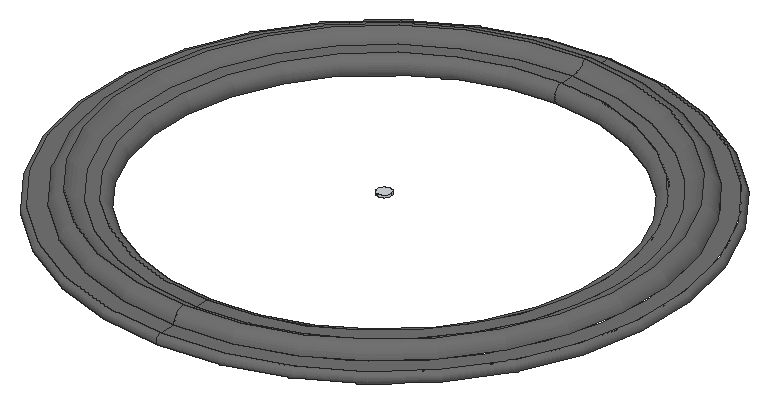
Revit family "RB_Уплотнительное кольцо", category Соединительные детали воздуховодов, Revit 2023
Family settings
  Размер круглого соединителя = Использовать диаметр
  Тип детали = Мультипорт
  На основе рабочей плоскости = Нет
  Всегда вертикально = Да
  При загрузке вырезать с полостями = Нет
  Общий = Да
Parameters (values of type "Default")
  Отметка по умолчанию = 0 mm
  Материал = EPDM
  conn [instance] = yes
  ADSK_Наименование [instance] = "Уплотнительное резиновое кольцо 75 мм"  # constant formula
  ADSK_Масса = 0
  ADSK_Марка [instance] = ""  # constant formula
  ADSK_Количество [instance] = 1  # constant formula
  ADSK_Код изделия [instance] = "75009"  # constant formula
  ADSK_Завод-изготовитель = "ООО"  # constant formula
  ADSK_Единица измерения [instance] = "шт."  # constant formula
Reference planes
  plane 1 "По центру (Вперед/Назад)": y = 0
  plane 2: z = 0
  plane 3 "По центру (Влево/Вправо)": x = 0
Forms (mm)
  Revolve 1, solid, material "EPDM" <- "Материал"
    sketch origin (0, 0, -2.051) x (0, 1, 0) y (0, 0, 1)
      loop
        arc (-33.332, 2.7) -> (-33.939, 2.093) -> (-33.332, 1.487) r 0.607
        line (-33.332, 1.487) -> (-31.391, 1.487)
        arc (-31.391, 1.487) -> (-30.952, 0.426) -> (-29.891, -0.013) r 1.5
        arc (-29.891, -0.013) -> (-29.085, 0.719) -> (-28.027, 0.978) r 2.211
        line (-28.027, 0.978) -> (-26.486, 0.978)
        arc (-26.486, 0.978) -> (-25.371, 2.093) -> (-26.486, 3.209) r 1.115
        line (-26.486, 3.209) -> (-28.027, 3.209)
        arc (-28.027, 3.209) -> (-29.085, 3.467) -> (-29.891, 4.2) r 2.211
        arc (-29.891, 4.2) -> (-30.952, 3.761) -> (-31.391, 2.7) r 1.5
        line (-31.391, 2.7) -> (-33.332, 2.7)
      axis (0, 4.2) -> (0, -0.013)
    angle from 0 to 360
  Extrusion 2, solid, visible <- "conn"
    sketch origin (0, 0, 0) x (1, 0, 0) y (0, 1, 0)
      loop
        circle (0, 0) r 0.8
    from 0.957 to 1.158
Dimensions and locks
  plane 1 "По центру (Вперед/Назад)" to Revolve 1 sketch curve = 31.391 mm
  plane 1 "По центру (Вперед/Назад)" to Revolve 1 sketch curve = 33.332 mm
  plane 1 "По центру (Вперед/Назад)" to Revolve 1 sketch curve = 28.027 mm
  aligned and locked: level to plane 2
